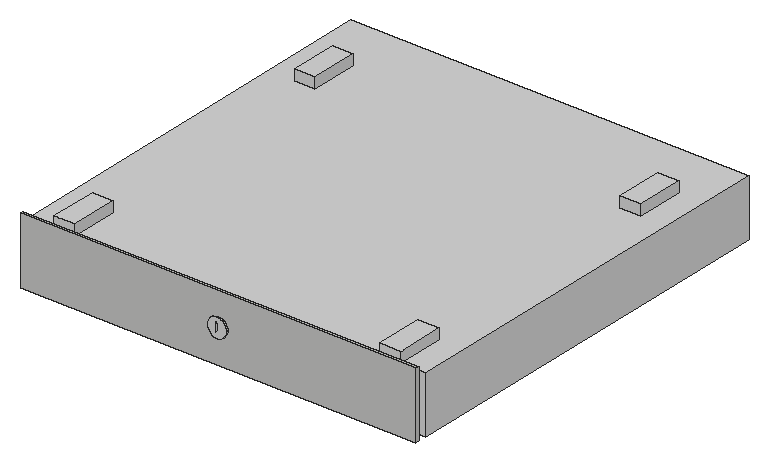
Revit family "Desk_Accessories-Teknion-BADMF_Multi_Functional_Drawer-R2015", category Furniture, Revit 2018
Family settings
  OmniClass Number = 23.40.20.00
  OmniClass Title = General Furniture and Specialties
  Work Plane-Based = No
  Always vertical = Yes
  Cut with Voids When Loaded = No
  Shared = Yes
  Room Calculation Point = No
Parameters (values of type "17"d x 17"w x 03"h")
  Warranty = "http://www.teknion.com/ca/papers/legal-canada"
  Unit Weight URL = "http://www.teknion.com/ca/tools/assets#&asset=bee6a381-b954-425e-8283-5a2de3a804f2,f828d448-4b62-4231-9e5f-9a8991c0ed77"
  URL = "www.teknion.com"
  Sustainability Data = "http://www.teknion.com/ca/tools/assets#&topic=216f99a5-57a0-44fc-b10a-9dee9b29ae4c&asset=444deb64-fe58-4b68-981e-f75e97781df7"
  Series = "Expansion Casegoods"  # constant formula
  Product Page URL = "http://www.teknion.com/ca/products/product-details?productlineid=0053336e-8e7a-673b-a6c8-ff00004460c4"
  Product Line = "Expansion Casegoods"  # constant formula
  Product Documentation Link = "http://www.teknion.com/pricing/expansion-casegoods/pdfs/BADMF_ppg.pdf"
  Part Number = "BADMF"
  Model = "BADMF171703"
  Manufacturer Phone = "416-661-3370"  # constant formula
  Manufacturer Fax = "416.661.4586"  # constant formula
  Manufacturer Contact Information = "http://www.teknion.com/ca/contactus"
  Manufacturer Address = "1150 Flint Road, Toronto, ON. M3J 2J5. Canada"  # constant formula
  Manufacturer = "Teknion"  # constant formula
  Description = "Multi-Functional Drawer, 17\" Depth, 17\" Width, 3\" Height"
  Assembly Code = "E2020200"
Reference planes (in)
  plane 1 "Center Front/Back": y = 0
  plane 2: z = 0
  plane 3 "Center Left/Right": x = 0
  plane 4 "Left": x = -8.22835
  plane 5 "Right": x = 8.22835
  plane 6 "Back": y = 8.34055
  plane 7 "Front": y = -8.81299
  plane 8 "Top": z = 27.62209
  plane 9: y = -8.69488
  plane 10: y = -8.34055
  plane 11: z = 27.18114
  plane 12: z = 24.80713
  plane 13: z = 27.56303
Forms (in)
  Extrusion 1, solid, material "Mica - Teknion - 8 - Textured - Arctic"
    sketch origin (0, 0, 0) x (1, 0, 0) y (0, 1, 0)
      loop
        line (-8.22835, 8.34055) -> (-8.22835, -8.34055) -> (8.22835, -8.34055) -> (8.22835, 8.34055) -> (-8.22835, 8.34055)
    from 24.80713 to 27.18114
  Extrusion 2, solid, material "Mica - Teknion - 8 - Textured - Arctic"
    sketch origin (-52.89849, -180, 27.80709) x (-1, 0, 0) y (0, -1, 0)
      loop
        line (-45.73314, -186.05272) -> (-45.73314, -184.08421) -> (-46.59928, -184.08421) -> (-46.59928, -186.05272) -> (-45.73314, -186.05272)
    from -0.185 to -0.62594
  Extrusion 3, solid, material "Mica - Teknion - 8 - Textured - Arctic"
    sketch origin (-39.43392, -180, 27.80709) x (-1, 0, 0) y (0, -1, 0)
      loop
        line (-45.73314, -186.05272) -> (-45.73314, -184.08421) -> (-46.59928, -184.08421) -> (-46.59928, -186.05272) -> (-45.73314, -186.05272)
    from -0.185 to -0.62594
  Extrusion 4, solid, material "Mica - Teknion - 8 - Textured - Arctic"
    sketch origin (-52.89849, -192.42476, 27.80709) x (-1, 0, 0) y (0, -1, 0)
      loop
        line (-45.73314, -186.05272) -> (-45.73314, -184.08421) -> (-46.59928, -184.08421) -> (-46.59928, -186.05272) -> (-45.73314, -186.05272)
    from -0.185 to -0.62594
  Extrusion 5, solid, material "Mica - Teknion - 8 - Textured - Arctic"
    sketch origin (-39.43392, -192.42476, 27.80709) x (-1, 0, 0) y (0, -1, 0)
      loop
        line (-45.73314, -186.05272) -> (-45.73314, -184.08421) -> (-46.59928, -184.08421) -> (-46.59928, -186.05272) -> (-45.73314, -186.05272)
    from -0.185 to -0.62594
  Extrusion 6, solid, material "Metal - Teknion - AC - Clear Anodized"
    sketch origin (-52.89849, -180, 27.62209) x (-1, 0, 0) y (0, -1, 0)
      loop
        line (-44.70361, -171.30512) -> (-44.70361, -171.18701) -> (-61.09337, -171.18701) -> (-61.09337, -171.30512) -> (-44.70361, -171.30512)
    from -0.05906 to -2.81496
  Extrusion 7, solid, material "Mica - Teknion - 8 - Textured - Arctic"
    sketch origin (-64.19161, -8.81299, 48) x (-1, 0, 0) y (0, 0, -1)
      loop
        circle (-64.19161, 21.78917) r 0.3963
      loop
        line (-64.24082, 21.59839) -> (-64.14239, 21.59839) -> (-64.14239, 21.9724) -> (-64.24082, 21.9724) -> (-64.24082, 21.59839)
    from 0 to 0.05906
  Extrusion 8, solid, material "Metal - Teknion - AC - Clear Anodized"
    sketch origin (-8.19488, -8.69488, 48) x (-1, 0, 0) y (0, 0, 1)
      loop
        line (-0.90157, -20.96846) -> (-15.48819, -20.96846) -> (-15.48819, -22.74362) -> (-0.90157, -22.74362) -> (-0.90157, -20.96846)
    from 0 to 0.35433
Lines and regions (in)
  Masking region 1
    outline origin (-52.89849, -180, 27.62209) x (-1, 0, 0) y (0, -1, 0)
      loop
        line (-44.67014, -188.34055) -> (-44.67014, -171.65945) -> (-61.12684, -171.65945) -> (-61.12684, -188.34055) -> (-44.67014, -188.34055)
  Masking region 2
    outline origin (-52.89849, -180, 27.62209) x (-1, 0, 0) y (0, -1, 0)
      loop
        line (-45.60518, -171.65945) -> (-45.60518, -171.30512) -> (-60.1918, -171.30512) -> (-60.1918, -171.65945) -> (-45.60518, -171.65945)
  Masking region 3
    outline origin (-52.89849, -180, 27.62209) x (-1, 0, 0) y (0, -1, 0)
      loop
        line (-61.09337, -171.30512) -> (-44.70361, -171.30512) -> (-44.70361, -171.18701) -> (-61.09337, -171.18701) -> (-61.09337, -171.30512)
  Masking region 4
    outline origin (-52.89849, -180, 27.62209) x (-1, 0, 0) y (0, -1, 0)
      loop
        line (-52.50219, -171.12795) -> (-53.29479, -171.12795) -> (-53.29479, -171.18701) -> (-52.50219, -171.18701) -> (-52.50219, -171.12795)
  symbolic lines, style "FurnitureHiddenLines", detail levels medium+fine
    curve 1: line (-6.29921, 6.05272, 27.62209) -> (-7.16535, 6.05272, 27.62209)
    curve 2: line (-7.16535, 6.05272, 27.62209) -> (-7.16535, 4.08421, 27.62209)
    curve 3: line (-7.16535, 4.08421, 27.62209) -> (-6.29921, 4.08421, 27.62209)
    curve 4: line (-6.29921, 4.08421, 27.62209) -> (-6.29921, 6.05272, 27.62209)
    curve 5: line (6.29921, 6.05272, 27.62209) -> (6.29921, 4.08421, 27.62209)
    curve 6: line (6.29921, 4.08421, 27.62209) -> (7.16535, 4.08421, 27.62209)
    curve 7: line (7.16535, 4.08421, 27.62209) -> (7.16535, 6.05272, 27.62209)
    curve 8: line (7.16535, 6.05272, 27.62209) -> (6.29921, 6.05272, 27.62209)
    curve 9: line (-6.29921, -8.34055, 27.62209) -> (-6.29921, -6.37205, 27.62209)
    curve 10: line (-6.29921, -6.37205, 27.62209) -> (-7.16535, -6.37205, 27.62209)
    curve 11: line (-7.16535, -6.37205, 27.62209) -> (-7.16535, -8.34055, 27.62209)
    curve 12: line (-7.16535, -8.34055, 27.62209) -> (-6.29921, -8.34055, 27.62209)
    curve 13: line (6.29921, -6.37205, 27.62209) -> (6.29921, -8.34055, 27.62209)
    curve 14: line (6.29921, -8.34055, 27.62209) -> (7.16535, -8.34055, 27.62209)
    curve 15: line (7.16535, -8.34055, 27.62209) -> (7.16535, -6.37205, 27.62209)
    curve 16: line (7.16535, -6.37205, 27.62209) -> (6.29921, -6.37205, 27.62209)
Dimensions and locks (in)
  locked: plane 4 "Left" to plane 5 "Right" at 16.45669
  locked: plane 6 "Back" to plane 7 "Front" at 17.15354
  locked: plane 8 "Top" to level at 27.62209
  locked: plane 7 "Front" to plane 9 at 0.11811
  locked: plane 10 to plane 9 at 0.35433
  locked: plane 8 "Top" to plane 11 at 0.44094
  locked: plane 11 to plane 12 at 2.37402
  locked: plane 8 "Top" to plane 13 at 0.05906
  plane 6 "Back" to Extrusion 2 sketch curve to Extrusion 2 sketch curve = 2.28783" locked, 1.9685" locked
  plane 4 "Left" to Extrusion 2 sketch curve to Extrusion 2 sketch curve = 1.06299" locked, 0.86614" locked
  plane 6 "Back" to Extrusion 3 sketch curve to Extrusion 3 sketch curve = 2.28783" locked, 1.9685" locked
  Extrusion 3 sketch curve to Extrusion 3 sketch curve to plane 5 "Right" = 0.86614" locked, 1.06299" locked
  Extrusion 4 sketch curve to Extrusion 4 sketch curve to plane 10 = 1.9685" locked, 0.000" locked
  plane 4 "Left" to Extrusion 4 sketch curve to Extrusion 4 sketch curve = 1.06299" locked, 0.86614" locked
  Extrusion 5 sketch curve to Extrusion 5 sketch curve to plane 10 = 1.9685" locked, 0.000" locked
  Extrusion 5 sketch curve to Extrusion 5 sketch curve to plane 5 "Right" = 0.86614" locked, 1.06299" locked
  locked: Extrusion 6 sketch curve to plane 5 "Right" at 0.03346
  locked: plane 4 "Left" to Extrusion 6 sketch curve at 0.03346
  locked: Extrusion 7 sketch curve to plane 3 "Center Left/Right" at 0
  locked: plane 8 "Top" to Extrusion 7 sketch curve at 1.41125
  plane 8 "Top" to Extrusion 7 sketch curve to Extrusion 7 sketch curve = 1.22047" locked, 0.37402" locked
  Extrusion 7 sketch curve to plane 3 "Center Left/Right" to Extrusion 7 sketch curve = 0.04921" locked, 0.04921" locked
  locked: Extrusion 7 to plane 7 "Front" at 0.05906
  plane 8 "Top" to Extrusion 8 sketch curve to Extrusion 8 sketch curve = 0.59055" locked, 1.77516" locked
  Extrusion 8 sketch curve to plane 3 "Center Left/Right" to Extrusion 8 sketch curve = 7.29331" locked, 7.29331" locked
  Masking region 4 sketch curve to plane 3 "Center Left/Right" to Masking region 4 sketch curve = 0.3963" locked, 0.3963" locked
  plane 4 "Left" to plane 3 "Center Left/Right" to plane 5 "Right" = 8.22835" locked, 8.22835" locked
  plane 6 "Back" to plane 1 "Center Front/Back" to plane 10 = 8.34055" locked, 8.34055" locked
  aligned and locked: level to plane 2
  aligned and locked: Extrusion 1 to plane 11
  aligned and locked: Extrusion 1 to plane 12
  aligned and locked: Extrusion 2 to plane 8 "Top"
  aligned and locked: plane 11 to Extrusion 2
  aligned and locked: plane 8 "Top" to Extrusion 4
  aligned and locked: Extrusion 4 to plane 8 "Top"
  aligned and locked: plane 8 "Top" to Extrusion 5
  aligned and locked: plane 8 "Top" to Extrusion 3
  aligned and locked: plane 11 to Extrusion 5
  aligned and locked: plane 11 to Extrusion 3
  aligned and locked: plane 11 to Extrusion 4
  aligned and locked: Extrusion 4 to plane 11
  aligned and locked: plane 12 to Extrusion 6
  aligned and locked: Extrusion 7 to plane 7 "Front"
  aligned and locked: Extrusion 8 to plane 9
  aligned and locked: plane 10 to Extrusion 8
  aligned and locked: Extrusion 1 to plane 4 "Left"
  aligned and locked: Extrusion 1 to plane 6 "Back"
  aligned and locked: Extrusion 1 to plane 5 "Right"
  aligned and locked: Extrusion 1 to plane 10
  aligned and locked: Extrusion 6 to plane 13
